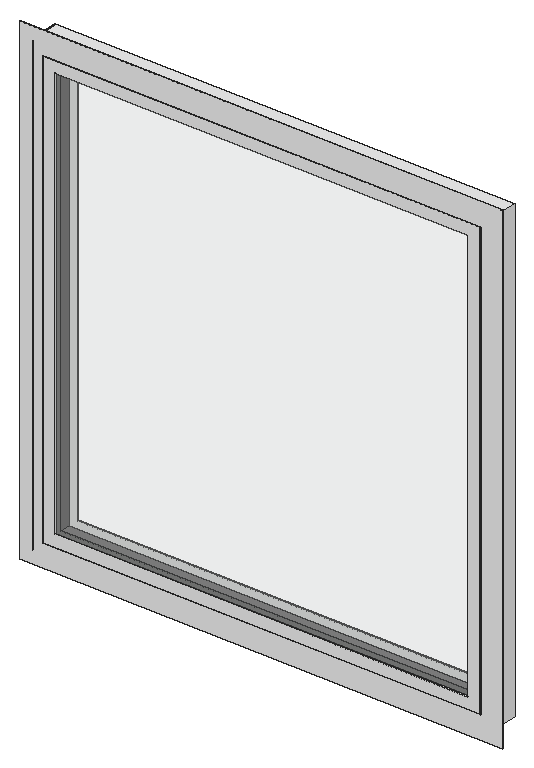
Revit family "Casement_28_F_Top_Hung_Custom", category Windows, host Wall, Revit 2014
Parameters (values of type "Casement_Sash_DG")
  Width Sash [instance] = 30 mm
  Width Sash Inner = 15 mm
  Width Bead = 15 mm
  Top Hung [instance] = yes
  Side Hung Right [instance] = yes
  Side Hung Left [instance] = yes
  Sash Opening Width [instance] = 600 mm
  Sash Opening Height [instance] = 600.312 mm
  Sash Lip = 15 mm
  Glazing Material [instance] = Glass
  DG Start Piece 2 [instance] = DG End Piece 1 + DG Gasket Thickness  # 25 mm
  DG Start Peice 1 [instance] = (Depth Sash - (2 * DG Glazing Thickness) - DG Gasket Thickness) / 2  # 6.6 mm
  Glazing Offset = 5 mm
  DG Glazing Thickness [instance] = 6.4 mm
  DG Gasket Thickness = 12 mm  # constant formula
  DG Gasket Material [instance] = Double Glazing Gasket Material
  DG End Piece 2 [instance] = DG Start Piece 2 + DG Glazing Thickness  # 31.4 mm
  DG End Piece 1 [instance] = DG Start Peice 1 + DG Glazing Thickness  # 13 mm
  Depth Sash [instance] = 38 mm
  Center Vertical Sash [instance] = Sash Opening Height / 2  # 300.156 mm
  Center Horizontal Sash [instance] = Sash Opening Width / 2  # 300 mm
  Bottom Hung [instance] = yes
  Bead Offset = 15 mm
  Aluminium Thickness = 1 mm
  Aluminium Material [instance] = White Powder Coated Aluminium
Reference planes
  plane 1 "Center (Front/Back)": y = 0
  plane 2: z = 0
  plane 3 "Center (Left/Right)": x = 0
Forms (mm)
  Sweep 1, solid, material "White Powder Coated Aluminium" <- "Aluminium Material"
    path origin (16.177, 0, 121.331) x (1, 0, 0) y (0, 0, 1)
      loop
        line (0, 0) -> (600, 0) -> (600, 600.312) -> (0, 600.312) -> (0, 0)
    profile origin (316.177, 0, 121.331) x (0, 0, 1) y (0, -1, 0)
      loop
        line (0, 0) -> (30, 0) -> (30, 1) -> (15, 1) -> (15, 38) -> (-15, 38) -> (-15, 37) -> (0, 37) -> (0, 0)
      loop
        line (14, 1) -> (14, 37) -> (1, 37) -> (1, 1) -> (14, 1)
  Sweep 2, solid, material "White Powder Coated Aluminium" <- "Aluminium Material"
    path origin (0, 0, 0) x (1, 0, 0) y (0, 0, 1)
      loop
        line (31.177, 706.643) -> (31.177, 136.331) -> (601.177, 136.331) -> (601.177, 706.643) -> (31.177, 706.643)
    profile origin (316.177, 0, 706.643) x (0, 0, 1) y (0, -1, 0)
      loop
        line (0, 37) -> (0, 38) -> (-15, 38) -> (-15, 37) -> (0, 37)
  Extrusion 3, solid, material "Glass" <- "Glazing Material"
    sketch origin (0, 0, 0) x (1, 0, 0) y (0, 0, 1)
      loop
        line (36.177, 701.643) -> (36.177, 141.331) -> (596.177, 141.331) -> (596.177, 701.643) -> (36.177, 701.643)
    from 6.6 <- "DG Start Peice 1" to 13 <- "DG End Piece 1"
  Extrusion 4, solid, material "Glass" <- "Glazing Material"
    sketch origin (0, 0, 0) x (1, 0, 0) y (0, 0, 1)
      loop
        line (36.177, 701.643) -> (36.177, 141.331) -> (596.177, 141.331) -> (596.177, 701.643) -> (36.177, 701.643)
    from 31.4 <- "DG End Piece 2" to 25 <- "DG Start Piece 2"
  Sweep 5, solid, material "Double Glazing Gasket Material" <- "DG Gasket Material"
    path origin (0, -13, 0) x (1, 0, 0) y (0, 0, 1)
      loop
        line (36.177, 701.643) -> (36.177, 141.331) -> (596.177, 141.331) -> (596.177, 701.643) -> (36.177, 701.643)
    profile origin (316.177, -13, 701.643) x (0, 0, 1) y (0, -1, 0)
      loop
        line (0, 0) -> (0, 12) -> (-7.96, 12) -> (-7.96, 0) -> (0, 0)
Lines and regions (mm)
  model lines
    curve 1: line (1.177, -38, 736.643) -> (31.177, -38, 706.643)
    curve 2: line (601.177, -38, 706.643) -> (631.177, -38, 736.643)
    curve 3: line (601.177, -38, 136.331) -> (631.177, -38, 106.331)
    curve 4: line (1.177, -38, 106.331) -> (31.177, -38, 136.331)
    curve 5: line (631.177, -37, 736.643) -> (616.177, -37, 721.643)
    curve 6: line (1.177, -37, 736.643) -> (16.177, -37, 721.643)
    curve 7: line (1.177, -37, 106.331) -> (16.177, -37, 121.331)
    curve 8: line (631.177, -37, 106.331) -> (616.177, -37, 121.331)
    curve 9: line (616.177, 0, 121.331) -> (586.177, 0, 151.331)
    curve 10: line (46.177, 0, 151.331) -> (16.177, 0, 121.331)
    curve 11: line (616.177, 0, 721.643) -> (586.177, 0, 691.643)
    curve 12: line (46.177, 0, 691.643) -> (16.177, 0, 721.643)
    curve 13: line (31.177, -38, 691.643) -> (46.177, -38, 691.643)
    curve 14: line (586.177, -38, 691.643) -> (601.177, -38, 691.643)
    curve 15: line (586.177, -38, 151.331) -> (601.177, -38, 151.331)
    curve 16: line (31.177, -38, 151.331) -> (46.177, -38, 151.331)
  model lines, style "GenericModelHiddenLines", visible <- "Top Hung"
    curve 17: line (46.386, -31.4, 690.914) -> (316.177, -31.4, 151.331)
    curve 18: line (316.177, -31.4, 151.331) -> (586.177, -31.4, 691.331)
  model lines, style "GenericModelHiddenLines", visible <- "Bottom Hung"
    curve 19: line (46.177, -31.4, 151.331) -> (316.177, -31.4, 691.331)
    curve 20: line (316.177, -31.4, 691.331) -> (586.177, -31.4, 151.331)
  model lines, style "GenericModelHiddenLines", visible <- "Side Hung Left"
    curve 21: line (46.386, -31.4, 690.914) -> (585.24, -31.4, 421.487)
    curve 22: line (585.24, -31.4, 421.487) -> (46.177, -31.4, 151.331)
  model lines, style "GenericModelHiddenLines", visible <- "Side Hung Right"
    curve 23: line (586.177, -31.4, 691.331) -> (46.177, -31.4, 421.487)
    curve 24: line (46.177, -31.4, 421.487) -> (586.177, -31.4, 151.331)
Dimensions and locks
  "Aluminium Thickness": Sweep 1 sketch curve to Sweep 1 sketch curve  (x4)
  "Depth Sash": Sweep 1 sketch curve to Sweep 1 sketch curve
  "Sash Opening Width": Sweep 1 to Sweep 1
  "Sash Opening Height": Sweep 1 to Sweep 1
  "Width Sash": Sweep 1 sketch curve to Sweep 1 sketch curve  (x2)
  "Width Sash Inner": Sweep 1 sketch curve to Sweep 1 sketch curve
  "Sash Lip": Sweep 1 sketch curve to Sweep 1 sketch curve
  "Aluminium Thickness": Sweep 1 to Sweep 2 sketch curve
  "Glazing Offset": Sweep 2 to Extrusion 3 sketch curve  (x3)
  "Glazing Offset": Extrusion 3 sketch curve to Sweep 2
  Sweep 1 to Sweep 1 = 1 mm
  "Aluminium Thickness": Sweep 2 sketch curve to Sweep 2 sketch curve
  "Width Bead": Sweep 2 sketch curve to Sweep 2 sketch curve
  locked: Sweep 5 sketch curve to Sweep 5 sketch curve at 7.96
  "Center Horizontal Sash": Sweep 1 to curve 18
  "Center Horizontal Sash": Sweep 1 to curve 20
  "Center Vertical Sash": Sweep 1 to curve 22
  "Center Vertical Sash": Sweep 1 to curve 24
  aligned and locked: level to plane 2
  aligned and locked: Sweep 1 sketch curve to Sweep 1 sketch curve  (x2)
  aligned and locked: Sweep 2 sketch curve to Sweep 1  (x5)
  aligned and locked: Extrusion 4 sketch curve to Extrusion 3  (x4)
  aligned and locked: Sweep 5 sketch curve to Extrusion 3  (x5)
  aligned and locked: Extrusion 3 to Sweep 5 sketch curve
Automatic sketch dimensions
  plane 3 "Center (Left/Right)" to Sweep 1 sketch curve = 16.177 mm
  level to Sweep 1 sketch curve = 121.331 mm
  plane 3 "Center (Left/Right)" to Sweep 1 sketch curve = 616.177 mm
  level to Sweep 1 sketch curve = 721.643 mm
  profile plane to Sweep 5 sketch curve = 12 mm
  curve 7 to Sweep 1 = 0 mm  (x4)
  curve 6 to Sweep 1 = 0 mm  (x3)
  Sweep 1 to curve 6 = 0 mm
  curve 5 to Sweep 1 = 0 mm  (x3)
  curve 8 to Sweep 1 = 0 mm  (x4)
  Sweep 1 to curve 5 = 0 mm
  curve 16 to Sweep 2 = 0 mm  (x3)
  curve 13 to Sweep 2 = 0 mm  (x3)
  curve 15 to Sweep 2 = 0 mm
  Sweep 2 to curve 15 = 0 mm  (x2)
  curve 14 to Sweep 2 = 0 mm  (x2)
  Sweep 2 to curve 14 = 0 mm
  curve 1 to Sweep 1 = 0 mm  (x4)
  curve 4 to Sweep 1 = 0 mm  (x3)
  Sweep 1 to curve 4 = 0 mm
  curve 3 to Sweep 1 = 0 mm  (x3)
  curve 2 to Sweep 1 = 0 mm  (x4)
  Sweep 1 to curve 3 = 0 mm
  curve 10 to Sweep 1 = 0 mm  (x4)
  curve 12 to Sweep 1 = 0 mm  (x3)
  Sweep 1 to curve 12 = 0 mm
  curve 9 to Sweep 1 = 0 mm  (x4)
  curve 11 to Sweep 1 = 0 mm  (x3)
  Sweep 1 to curve 11 = 0 mm
  Sweep 1 sketch curve to plane 1 "Center (Front/Back)" = 0 mm
  profile plane to Sweep 1 sketch curve = 0 mm
  curve 21 to Extrusion 4 = 10.208 mm
  curve 19 to Extrusion 4 = 10 mm
  curve 23 to Extrusion 4 = 10 mm  (x2)
  curve 22 to Extrusion 4 = 10.937 mm
  curve 20 to Extrusion 4 = 10 mm
  curve 24 to Extrusion 4 = 10 mm
  curve 22 to Extrusion 4 = 10 mm
  curve 18 to Extrusion 4 = 10 mm
  curve 21 to Extrusion 4 = 10.729 mm
  curve 19 to Extrusion 4 = 10.312 mm
  curve 18 to Extrusion 4 = 10.312 mm
